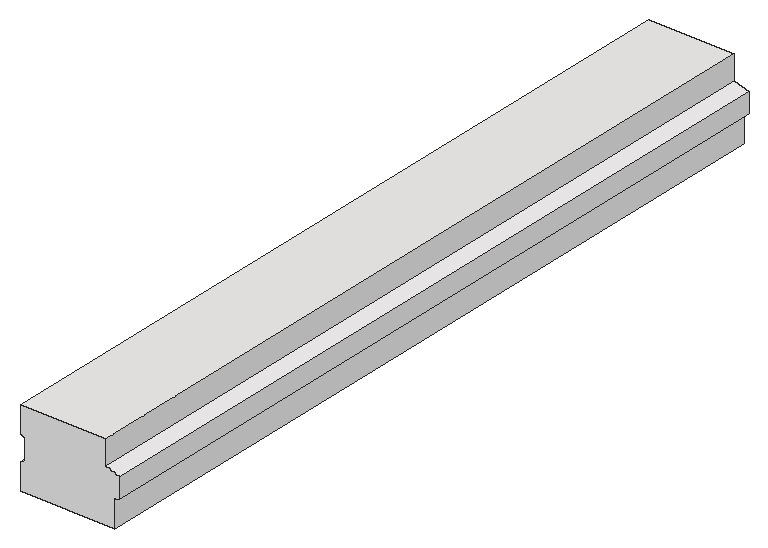
Revit family "СИБИТ_Плита_Перекрытия_Ширина 295 мм_ГОСТ 19570-74", category Каркас несущий, Revit 2017
Family settings
  Скрытие кромок = Другими элементами
  Округление длины несущего каркаса = 0 мм
  Форма сечения = Не задано
  Материал для поведения модели = Сборный железобетон
  Всегда экспортировать в виде геометрии = Нет
  Номер OmniClass = 23.25.30.27.11.11
  Заголовок OmniClass = Concrete Structural Floor Decks
  На основе рабочей плоскости = Да
  Всегда вертикально = Нет
  При загрузке вырезать с полостями = Нет
  Условное обозначение = Из семейства
  Общий = Нет
  Показывать семейство разрезанным на планах = Да
Parameters
  Шов_Правый [instance] = if(Шов_Справа = Тип_2.1, Тип_1.1, if(Шов_Справа = Тип_2.2, Тип_1.3, if(Шов_Справа = Тип_2.3, Тип_1.4, Тип_1.3)))  # Заполнение : Без заполнения
  Шов_Левый [instance] = if(Шов_Слева = Тип_2.1, Тип_1.2, if(Шов_Слева = Тип_2.2, Тип_1.3, if(Шов_Слева = Тип_2.3, Тип_1.3, Тип_1.3)))  # Заполнение : Без заполнения
  Шов_Справа [instance] = Вид заполнения : Без заполнения
  Шов_Слева [instance] = Вид заполнения : Без заполнения
  Ширина_Шов_Справа [instance] = 100 mm
  Ширина_Шов_Слева [instance] = 100 mm
  Тип_2.3 = Вид заполнения : Шов между плитами
  Тип_2.2 = Вид заполнения : Без заполнения
  Тип_2.1 = Вид заполнения : Пояс обвязочный
  Тип_1.4 = Заполнение : Заполнение шва между плитами
  Тип_1.3 = Заполнение : Без заполнения
  Тип_1.2 = Заполнение : Обвязочный пояс слева
  Тип_1.1 = Заполнение : Обвязочный пояс справа
  Смещение поперечной арматуры от края продольной_2 [instance] = 40 mm
  Смещение поперечной арматуры от края продольной_1 [instance] = 50 mm
  Тип_9 = Длина : 3440 мм
  Тип_8 = Длина : 3240 мм
  Тип_7 = Длина : 3140 мм
  Тип_6 = Длина : 3040 мм
  Тип_5 = Длина : 2940 мм
  Тип_4 = Длина : 2740 мм
  Тип_3 = Длина : 2440 мм
  Тип_22 = Длина : 5940 мм
  Тип_21 = Длина : 5740 мм
  Тип_20 = Длина : 5440 мм
  Тип_2 = Длина : 2240 мм
  Тип_19 = Длина : 5240 мм
  Тип_18 = Длина : 5040 мм
  Тип_17 = Длина : 4940 мм
  Тип_16 = Длина : 4740 мм
  Тип_15 = Длина : 4440 мм
  Тип_14 = Длина : 4240 мм
  Тип_13 = Длина : 4140 мм
  Тип_12 = Длина : 4040 мм
  Тип_11 = Длина : 3940 мм
  Тип_10 = Длина : 3740 мм
  Тип_1 = Длина : 1940 мм
  Тип, марка, обозначение [instance] = size_lookup(Таблица_выбора, "", "Ошибка", Длина_Плита)  # "П24.4;3;24-6Я"
  Таблица_выбора = "SLT_Перекрытия_295"  # constant formula
  Сертификат соответствия = "https://sibyt.ru/docs/G8Tm8xJLXEU_rEJraQ4obInusJQXscE8.pdf"
  Расчётная нагрузка, кгс/м² = 600  # constant formula
  Разработчик модели = "Bimon - сервисный провайдер услуг информационного моделирования"  # constant formula
  Поперечных стержней [instance] = 6
  Default Elevation = 1219.2 mm
  Отдельный стержень [instance] = Шов_Справа = Тип_2.3  # no
  Описание = "Панель перекрытий из автоклавного ячеистого бетона ГОСТ 19570-74"  # constant formula
  Объём, м³ [instance] = size_lookup(Таблица_выбора, "VOLUME", 0, Длина_Плита)  # 0.17
  Мин. глубина опирания, мм [instance] = "120"  # constant formula
  Материал плиты = СИБИТ_Перекрытия_Газобетон D600 B3,5
  Масса изделия при влажности 25%, кг [instance] = size_lookup(Таблица_выбора, "MASS", 0, Длина_Плита)  # 145
  Арматура_Шов_Слева [instance] = Шов_Слева = Тип_2.1  # no
  Арматура_Шов_Справа [instance] = Шов_Справа = Тип_2.1  # no
  Длина выпуска 2 [instance] = 100 mm
  Длина выпуска 1 [instance] = 100 mm
  Контактный телефон = "+7 (383) 363-90-90"
  Контактный Email = "zavod-sibit@ao-gns.ru"
  Код КСР (ФГИС ЦС) = ""
  Изготовитель = "Завод \"СИБИТ\""
  Длина плиты [instance] = Длина : 2440 мм
  Высота_Плита [instance] = 240 mm  # constant formula
  Длина_Плита [instance] = if(Длина плиты = Тип_22, 5940 mm, if(Длина плиты = Тип_21, 5740 mm, if(Длина плиты = Тип_20, 5440 mm, if(Длина плиты = Тип_19, 5240 mm, if(Длина плиты = Тип_18, 5040 mm, if(Длина плиты = Тип_17, 4940 mm, if(Длина плиты = Тип_16, 4740 mm, if(Длина плиты = Тип_15, 4440 mm, if(Длина плиты = Тип_14, 4240 mm, if(Длина плиты = Тип_13, 4140 mm, if(Длина плиты = Тип_12, 4040 mm, if(Длина плиты = Тип_11, 3940 mm, if(Длина плиты = Тип_10, 3740 mm, if(Длина плиты = Тип_9, 3440 mm, if(Длина плиты = Тип_8, 3240 mm, if(Длина плиты = Тип_7, 3140 mm, if(Длина плиты = Тип_6, 3040 mm, if(Длина плиты = Тип_5, 2940 mm, if(Длина плиты = Тип_4, 2740 mm, if(Длина плиты = Тип_3, 2440 mm, if(Длина плиты = Тип_2, 2240 mm, if(Длина плиты = Тип_1, 1940 mm, 0 mm))))))))))))))))))))))  # 2440 mm
  Ширина_Плита [instance] = 295 mm  # constant formula
  В пачке, шт. [instance] = size_lookup(Таблица_выбора, "AMOUNT", 0, Длина_Плита)  # 1
  Uniclass 2015 Title = "Concrete solid slabs"  # constant formula
  Uniclass 2015 Code = "Pr_20_85_14_16"  # constant formula
  URL = "www.sibyt.ru"
  UNSPSC Title = "Concrete slab"  # constant formula
  UNSPSC Code = "30121704"  # constant formula
  Omniclass Title = "Precast Profiles"  # constant formula
  Omniclass Code = "23-13 17 15"  # constant formula
  Masterformat Title = "Precast Concrete Slabs"  # constant formula
  Masterformat Code = "03 41 16"  # constant formula
  IFC Classification = "IfcSlab FLOOR"  # constant formula
  COBie Category = ""
  Bimon = "www.bimon.ru"
Reference planes
  plane 1 "По центру (Вперед/Назад)": y = 0
  plane 2: z = 0
  plane 3 "По центру (Влево/Вправо)": x = 0
  plane 4: y = 1220
  plane 5: y = -1220
  plane 6: x = -147.5
  plane 7: x = 147.5
  plane 8: z = -240
  plane 9: z = -120
  plane 10: y = -1270
  plane 11: y = 1280
  plane 12: y = -1320
  plane 13: y = 1320
  plane 14: y = 1220
  plane 15: y = -1220
  plane 16: x = -247.5
  plane 17: x = -197.5
  plane 18: x = -189.5
  plane 19: x = 247.5
  plane 20: x = 197.5
  plane 21: x = 189.5
Forms (mm)
  Sweep 1, solid, material "СИБИТ_Перекрытия_Газобетон D600 B3,5" <- "Материал плиты"
    path origin (0, 0, 0) x (1, 0, 0) y (0, 1, 0)
      loop
        line (0, -1220) -> (0, 1220)
    profile origin (0, 0, 0) x (-1, 0, 0) y (0, 0, 1)
      loop
        line (147.5, 0) -> (-117.5, 0) -> (-117.5, -75) -> (-163, -91.561) -> (-163, -152.538) -> (-147.5, -158.964) -> (-147.5, -240) -> (147.5, -240) -> (147.5, -158.964) -> (132, -152.538) -> (132, -86.847) -> (147.5, -81.205) -> (147.5, 0)
Dimensions and locks
  equal spacing: plane 6, plane 3 "По центру (Влево/Вправо)", plane 7
  "Ширина_Плита": plane 6 to plane 7
  equal spacing: plane 4, plane 1 "По центру (Вперед/Назад)", plane 5, locked at 1220 each
  "Длина_Плита": plane 4 to plane 5
  "Высота_Плита": plane 2 to plane 8
  equal spacing: plane 2, plane 9, plane 8
  equal spacing: group 1, group 3, group 4, group 5, group 6, group 2  (x3)
  "Длина выпуска 1": plane 12 to plane 5
  "Длина выпуска 2": plane 4 to plane 13
  "Смещение поперечной арматуры от края продольной_2": plane 11 to plane 13
  "Смещение поперечной арматуры от края продольной_1": plane 12 to plane 10
  equal spacing: group 7, group 9, group 10, group 11, group 12, group 8  (x2)
  equal spacing: group 8, group 12, group 11, group 10, group 9, group 7
  equal spacing: plane 14, plane 1 "По центру (Вперед/Назад)", plane 15
  "Длина_Плита": plane 14 to plane 15
  "Ширина_Шов_Слева": plane 6 to plane 16
  equal spacing: plane 6, plane 17, plane 16
  locked: plane 18 to plane 17 at 8
  "Ширина_Шов_Справа": plane 7 to plane 19
  equal spacing: plane 7, plane 20, plane 19
  locked: plane 20 to plane 21 at 8
  aligned and locked: level to plane 2
  aligned and locked: plane 1 "По центру (Вперед/Назад)" to nested 2
  aligned and locked: plane 1 "По центру (Вперед/Назад)" to nested 4
  aligned and locked: plane 1 "По центру (Вперед/Назад)" to nested 3
  aligned and locked: plane 10 to nested 9  (x3)
  aligned and locked: nested 10 to plane 11
  aligned and locked: plane 11 to nested 10
  aligned and locked: plane 11 to nested 12
  aligned and locked: nested 16 to plane 10
  aligned and locked: plane 17 to nested 9
  aligned and locked: plane 17 to nested 10
  aligned and locked: plane 18 to nested 8
  aligned and locked: nested 7 to plane 18
  aligned and locked: plane 20 to nested 16
  aligned and locked: plane 20 to nested 12
  aligned and locked: plane 21 to nested 6
  aligned and locked: nested 5 to plane 21
Automatic sketch dimensions
  Sweep 1 sketch curve to level = 0 mm
  Sweep 1 sketch curve to level = 91.561 mm
  profile plane to Sweep 1 sketch curve = 163 mm
  Sweep 1 sketch curve to Sweep 1 sketch curve = 15.5 mm  (x3)
  Sweep 1 sketch curve to Sweep 1 sketch curve = 45.5 mm
  Sweep 1 sketch curve to profile plane = 132 mm
  Sweep 1 sketch curve to level = 152.538 mm
  Sweep 1 sketch curve to Sweep 1 sketch curve = 60.977 mm
  Sweep 1 sketch curve to Sweep 1 sketch curve = 6.426 mm  (x2)
  Sweep 1 sketch curve to Sweep 1 sketch curve = 81.036 mm
  Sweep 1 sketch curve to Sweep 1 sketch curve = 65.691 mm
  Sweep 1 sketch curve to Sweep 1 sketch curve = 5.642 mm
  Sweep 1 sketch curve to Sweep 1 sketch curve = 16.561 mm
  Sweep 1 sketch curve to plane 3 "По центру (Влево/Вправо)" = 0 mm
  plane 5 to Sweep 1 sketch curve = 0 mm
  Sweep 1 sketch curve to plane 4 = 0 mm
Nested families
  nested 1: "Длина" at (-64.141, -1460, 0), type "5240 мм"
  nested 2: "Арматура" at (139.945, 62.341, -41.93), visible <- "Отдельный стержень", Выпуск 1 <- "Длина выпуска 2", Выпуск 2 <- "Длина выпуска 1", Длина арматурного стержня <- "Длина_Плита", type "6 BpIII"
    with Угол поворота 0.00°, Радиус 1320 mm, Длина_стержня 2640 mm, Длина_2 1320 mm, Длина_1 1320 mm, Длина арматурного стержня 2440 mm, Выпуск 2 100 mm, Выпуск 1 100 mm
  nested 3: "Заполнение" at (-147.5, 0, 0), L <- "Длина_Плита", type <- "Шов_Левый", b <- "Ширина_Шов_Слева", type "Без заполнения"
    with Материал вкладыша ADSK_Бетон_B15, b 100 mm, L 2440 mm
  nested 4: "Заполнение" at (147.5, 0, 0), L <- "Длина_Плита", type <- "Шов_Правый", b <- "Ширина_Шов_Справа", type "Без заполнения"
    with Материал вкладыша ADSK_Бетон_B15, b 100 mm, L 2440 mm
  nested 5: "Арматура" at (189.5, -62.341, -198.07), visible <- "Арматура_Шов_Справа", Выпуск 1 <- "Длина выпуска 1", Выпуск 2 <- "Длина выпуска 2", Длина арматурного стержня <- "Длина_Плита", type "10 A400"
    with Угол поворота 0.00°, Радиус 1320 mm, Длина_стержня 2640 mm, Длина_2 1320 mm, Длина_1 1320 mm, Длина арматурного стержня 2440 mm, Выпуск 2 100 mm, Выпуск 1 100 mm
  nested 6: "Арматура" at (189.5, 62.341, -41.93), visible <- "Арматура_Шов_Справа", Выпуск 1 <- "Длина выпуска 2", Выпуск 2 <- "Длина выпуска 1", Длина арматурного стержня <- "Длина_Плита", type "10 A400"
    with Угол поворота 0.00°, Радиус 1320 mm, Длина_стержня 2640 mm, Длина_2 1320 mm, Длина_1 1320 mm, Длина арматурного стержня 2440 mm, Выпуск 2 100 mm, Выпуск 1 100 mm
  nested 7: "Арматура" at (-189.5, -62.341, -198.07) x (-1, 0, 0) z (0, 0, 1), visible <- "Арматура_Шов_Слева", Выпуск 1 <- "Длина выпуска 1", Выпуск 2 <- "Длина выпуска 2", Длина арматурного стержня <- "Длина_Плита", type "10 A400"
    with Угол поворота 0.00°, Радиус 1320 mm, Длина_стержня 2640 mm, Длина_2 1320 mm, Длина_1 1320 mm, Длина арматурного стержня 2440 mm, Выпуск 2 100 mm, Выпуск 1 100 mm
  nested 8: "Арматура" at (-189.5, 62.341, -41.93) x (-1, 0, 0) z (0, 0, 1), visible <- "Арматура_Шов_Слева", Выпуск 1 <- "Длина выпуска 2", Выпуск 2 <- "Длина выпуска 1", Длина арматурного стержня <- "Длина_Плита", type "10 A400"
    with Угол поворота 0.00°, Радиус 1320 mm, Длина_стержня 2640 mm, Длина_2 1320 mm, Длина_1 1320 mm, Длина арматурного стержня 2440 mm, Выпуск 2 100 mm, Выпуск 1 100 mm
  nested 9: "Арматура" at (-197.5, -1207.659, -120.018) x (-1, 0, 0) z (0, 0, 1), visible <- "Арматура_Шов_Слева", type "6 BpIII"
    with Угол поворота 90.00°, Радиус 100 mm, Длина_стержня 200 mm, Длина_2 100 mm, Длина_1 100 mm, Длина арматурного стержня 140 mm, Выпуск 2 30 mm, Выпуск 1 30 mm
  nested 10: "Арматура" at (-197.5, 1342.341, -120.018) x (-1, 0, 0) z (0, 0, 1), visible <- "Арматура_Шов_Слева", type "6 BpIII"
    with Угол поворота 90.00°, Радиус 100 mm, Длина_стержня 200 mm, Длина_2 100 mm, Длина_1 100 mm, Длина арматурного стержня 140 mm, Выпуск 2 30 mm, Выпуск 1 30 mm
  nested 11: "Арматура" at (-197.5, -697.659, -120.018) x (-1, 0, 0) z (0, 0, 1), visible <- "Арматура_Шов_Слева", type "6 BpIII"
    with Угол поворота 90.00°, Радиус 100 mm, Длина_стержня 200 mm, Длина_2 100 mm, Длина_1 100 mm, Длина арматурного стержня 140 mm, Выпуск 2 30 mm, Выпуск 1 30 mm
  nested 12: "Арматура" at (197.5, 1342.341, -120), visible <- "Арматура_Шов_Справа", type "6 BpIII"
    with Угол поворота 90.00°, Радиус 100 mm, Длина_стержня 200 mm, Длина_2 100 mm, Длина_1 100 mm, Длина арматурного стержня 140 mm, Выпуск 2 30 mm, Выпуск 1 30 mm
  nested 13: "Арматура" at (-197.5, -187.659, -120.018) x (-1, 0, 0) z (0, 0, 1), visible <- "Арматура_Шов_Слева", type "6 BpIII"
    with Угол поворота 90.00°, Радиус 100 mm, Длина_стержня 200 mm, Длина_2 100 mm, Длина_1 100 mm, Длина арматурного стержня 140 mm, Выпуск 2 30 mm, Выпуск 1 30 mm
  nested 14: "Арматура" at (-197.5, 322.341, -120.018) x (-1, 0, 0) z (0, 0, 1), visible <- "Арматура_Шов_Слева", type "6 BpIII"
    with Угол поворота 90.00°, Радиус 100 mm, Длина_стержня 200 mm, Длина_2 100 mm, Длина_1 100 mm, Длина арматурного стержня 140 mm, Выпуск 2 30 mm, Выпуск 1 30 mm
  nested 15: "Арматура" at (-197.5, 832.341, -120.018) x (-1, 0, 0) z (0, 0, 1), visible <- "Арматура_Шов_Слева", type "6 BpIII"
    with Угол поворота 90.00°, Радиус 100 mm, Длина_стержня 200 mm, Длина_2 100 mm, Длина_1 100 mm, Длина арматурного стержня 140 mm, Выпуск 2 30 mm, Выпуск 1 30 mm
  nested 16: "Арматура" at (197.5, -1207.659, -120), visible <- "Арматура_Шов_Справа", type "6 BpIII"
    with Угол поворота 90.00°, Радиус 100 mm, Длина_стержня 200 mm, Длина_2 100 mm, Длина_1 100 mm, Длина арматурного стержня 140 mm, Выпуск 2 30 mm, Выпуск 1 30 mm
  nested 17: "Арматура" at (197.5, 832.341, -120), visible <- "Арматура_Шов_Справа", type "6 BpIII"
    with Угол поворота 90.00°, Радиус 100 mm, Длина_стержня 200 mm, Длина_2 100 mm, Длина_1 100 mm, Длина арматурного стержня 140 mm, Выпуск 2 30 mm, Выпуск 1 30 mm
  nested 18: "Арматура" at (197.5, 322.341, -120), visible <- "Арматура_Шов_Справа", type "6 BpIII"
    with Угол поворота 90.00°, Радиус 100 mm, Длина_стержня 200 mm, Длина_2 100 mm, Длина_1 100 mm, Длина арматурного стержня 140 mm, Выпуск 2 30 mm, Выпуск 1 30 mm
  nested 19: "Арматура" at (197.5, -187.659, -120), visible <- "Арматура_Шов_Справа", type "6 BpIII"
    with Угол поворота 90.00°, Радиус 100 mm, Длина_стержня 200 mm, Длина_2 100 mm, Длина_1 100 mm, Длина арматурного стержня 140 mm, Выпуск 2 30 mm, Выпуск 1 30 mm
  nested 20: "Арматура" at (197.5, -697.659, -120), visible <- "Арматура_Шов_Справа", type "6 BpIII"
    with Угол поворота 90.00°, Радиус 100 mm, Длина_стержня 200 mm, Длина_2 100 mm, Длина_1 100 mm, Длина арматурного стержня 140 mm, Выпуск 2 30 mm, Выпуск 1 30 mm
Definition of nested family "Арматура"
  Parameters (values of type "6 BpIII")
    Угол поворота [instance] = 15.00°
    Радиус стержня = Диаметр_cтержня / 2  # 3 mm
    Радиус [instance] = Длина_стержня / 2  # 307.659 mm
    Площадь поперечного сечения стержня, см² = 0
    Description = ""
    Масса 1 м профиля, кг = 0
    Маркировка_cтержня = "Ø6 BpIII"
    Класс_арматуры = "BpIII"
    Длина_стержня [instance] = Длина арматурного стержня + Выпуск 1 + Выпуск 2  # 615.319 mm
    Длина_2 [instance] = Длина арматурного стержня / 2 + Выпуск 2  # 272.659 mm
    Длина_1 [instance] = Длина арматурного стержня / 2 + Выпуск 1  # 342.659 mm
    Длина арматурного стержня [instance] = 445.319 mm
    Диаметр_cтержня = 6 mm
    Выпуск 2 [instance] = 50 mm
    Выпуск 1 [instance] = 120 mm
  Types (3, lengths in mm): name | Радиус стержня | Радиус | Площадь поперечного сечения стержня, см² | Description | Масса 1 м профиля, кг | Маркировка_cтержня | Класс_арматуры | Длина_стержня | Длина_2 | Длина_1 | Длина арматурного стержня | Диаметр_cтержня | Выпуск 1
    8 А400 | 4 | 350 | 0.503 | "Анкер из арматуры Ø8 AIII ГОСТ 5781-82" | 0.395 | "Ø8 A400" | "А400" | 700 | 350 | 350 | 600 | 8 | 50
    6 BpIII | 3 | 307.659 | 0 | "" | 0 | "Ø6 BpIII" | "BpIII" | 615.319 | 272.659 | 342.659 | 445.319 | 6 | 120
    10 A400 | 5 | 350 | 0.785 | "Анкер из арматуры Ø10 AIII ГОСТ 5781-82" | 0.617 | "Ø10 A400" | "А400" | 700 | 350 | 350 | 600 | 10 | 50
  Reference planes
    plane 1 "1": y = -62.341
    plane 2: z = 0
    plane 3 "Y": x = 0
  Forms (mm)
    Sweep 1, solid
      path origin (0, 0, 0) x (0, 1, 0) y (0, 0, 1)
        loop
          line (-325.709, 70.569) -> (-62.341, 0) -> (268.643, -88.687)
      profile origin (0, 103.151, -44.343) x (0, 0.258819, 0.965926) y (1, 0, 0)
        loop
          circle (0, 0) r 3
  Lines and regions (mm)
    reference lines
      curve 1: circle (0, -62.341, 0) r 307.659 normal (1, 0, 0)
      curve 2: line (0, -62.341, 0) -> (0, -359.517, 79.628)
      curve 3: line (0, -62.341, 0) -> (0, 234.836, -79.628)
      curve 4: circle (0, -62.341, 0) r 342.659 normal (1, 0, 0)
      curve 5: circle (0, -62.341, 0) r 272.659 normal (1, 0, 0)
      curve 6: line (0, -62.341, 0) -> (0, -325.709, 70.569)
      curve 7: line (0, -62.341, 0) -> (0, 268.643, -88.687)
  Dimensions and locks
    "Радиус стержня": profile plane to Sweep 1 sketch curve
    "Длина_1": Sweep 1 sketch curve to Sweep 1 sketch curve
    "Длина_2": Sweep 1 sketch curve to Sweep 1 sketch curve
    "Радиус": radius of curve 1
    "Длина_1": radius of curve 4
    "Длина_2": radius of curve 5
    "Угол поворота": angle plane 2 to curve 2
    aligned and locked: level to curve 2
    aligned and locked: plane 1 "1" to curve 2
    aligned and locked: plane 2 to curve 1
    aligned and locked: plane 1 "1" to curve 1
    aligned and locked: Sweep 1 sketch curve to curve 6
  Automatic sketch dimensions
    Sweep 1 sketch curve to plane 3 "Y" = 0 mm
    Sweep 1 sketch curve to profile plane = 0 mm
    Sweep 1 sketch curve to plane 1 "1" = 0 mm
    curve 1 to curve 4 = 0 mm  (x2)
    curve 1 to curve 5 = 0 mm  (x2)
Definition of nested family "Длина"
  Types (22): name
    1940 мм
    2240 мм
    2440 мм
    2740 мм
    2940 мм
    3040 мм
    3140 мм
    3240 мм
    3440 мм
    3740 мм
    3940 мм
    4040 мм
    4140 мм
    4240 мм
    4440 мм
    4740 мм
    4940 мм
    5040 мм
    5240 мм
    5440 мм
    5740 мм
    5940 мм
  Reference planes
    plane 1 "По центру (Вперед/Назад)": y = 0
    plane 2: z = 0
    plane 3 "По центру (Влево/Вправо)": x = 0
  Dimensions and locks
    aligned and locked: level to plane 2
Definition of nested family "Заполнение"
  Parameters (values of type "Обвязочный пояс справа")
    Пояс_Справа = yes
    Пояс_Слева = no
    Материал вкладыша [instance] = none
    Шов = no
    b [instance] = 163.482 mm
    L [instance] = 2400 mm
  Types (4, lengths in mm): name | Пояс_Справа | Пояс_Слева | Шов
    Заполнение шва между плитами | no | no | yes
    Обвязочный пояс справа | yes | no | no
    Обвязочный пояс слева | no | yes | no
    Без заполнения | no | no | no
  Reference planes
    plane 1 "По центру (Вперед/Назад)": y = 0
    plane 2: z = 0
    plane 3 "По центру (Влево/Вправо)": x = 0
    plane 4: y = 1200
    plane 5: y = -1200
    plane 6: x = -163.482
    plane 7: x = 163.482
  Forms (mm)
    Extrusion 1, solid, material <- "Материал вкладыша", visible <- "Шов"
      sketch origin (-300, 38.446, 0) x (1, 0, 0) y (0, 0, 1)
        loop
          line (270, -75) -> (300, -85.919) -> (300, 0) -> (270, 0) -> (270, -75)
      from -1161.554 to 1238.446
    Extrusion 2, solid, material <- "Материал вкладыша", visible <- "Пояс_Справа"
      sketch origin (-300, 38.446, 0) x (1, 0, 0) y (0, 0, 1)
        loop
          line (270, -75) -> (315.5, -91.561) -> (315.5, -152.538) -> (300, -158.964) -> (300, -240) -> (463.482, -240) -> (463.482, 0) -> (270, 0) -> (270, -75)
      from -1161.554 to 1238.446
    Extrusion 3, solid, material <- "Материал вкладыша", visible <- "Пояс_Слева"
      sketch origin (-300, 38.446, 0) x (1, 0, 0) y (0, 0, 1)
        loop
          line (300, -240) -> (300, -158.964) -> (315.5, -152.538) -> (315.5, -91.561) -> (300, -85.919) -> (300, 0) -> (136.518, 0) -> (136.518, -240) -> (300, -240)
      from -1161.554 to 1238.446
  Dimensions and locks
    equal spacing: plane 4, plane 1 "По центру (Вперед/Назад)", plane 5
    "L": plane 4 to plane 5
    equal spacing: plane 7, plane 3 "По центру (Влево/Вправо)", plane 6
    "b": plane 3 "По центру (Влево/Вправо)" to plane 6
    aligned and locked: level to plane 2
    aligned and locked: plane 4 to Extrusion 3
    aligned and locked: plane 4 to Extrusion 2
    aligned and locked: plane 4 to Extrusion 1
    aligned and locked: Extrusion 2 to plane 5
    aligned and locked: Extrusion 3 to plane 5
    aligned and locked: Extrusion 1 to plane 5
    aligned and locked: Extrusion 3 to plane 6
    aligned and locked: plane 7 to Extrusion 2
  Automatic sketch dimensions
    Extrusion 1 sketch curve to level = 0 mm
    Extrusion 1 sketch curve to plane 3 "По центру (Влево/Вправо)" = 0 mm
    Extrusion 1 sketch curve to plane 3 "По центру (Влево/Вправо)" = 30 mm
    Extrusion 1 sketch curve to level = 75 mm
    Extrusion 1 sketch curve to Extrusion 1 sketch curve = 10.919 mm
    Extrusion 2 sketch curve to level = 0 mm
    Extrusion 2 sketch curve to plane 3 "По центру (Влево/Вправо)" = 0 mm
    Extrusion 2 sketch curve to plane 3 "По центру (Влево/Вправо)" = 30 mm
    plane 3 "По центру (Влево/Вправо)" to Extrusion 2 sketch curve = 15.5 mm
    plane 3 "По центру (Влево/Вправо)" to Extrusion 2 sketch curve = 163.482 mm
    Extrusion 2 sketch curve to level = 75 mm
    Extrusion 2 sketch curve to Extrusion 2 sketch curve = 16.561 mm
    Extrusion 2 sketch curve to Extrusion 2 sketch curve = 60.977 mm
    Extrusion 2 sketch curve to Extrusion 2 sketch curve = 6.426 mm
    Extrusion 2 sketch curve to Extrusion 2 sketch curve = 87.462 mm
    Extrusion 3 sketch curve to level = 0 mm
    Extrusion 3 sketch curve to plane 3 "По центру (Влево/Вправо)" = 0 mm  (x2)
    Extrusion 3 sketch curve to plane 3 "По центру (Влево/Вправо)" = 163.482 mm
    plane 3 "По центру (Влево/Вправо)" to Extrusion 3 sketch curve = 15.5 mm
    Extrusion 3 sketch curve to Extrusion 3 sketch curve = 85.919 mm
    Extrusion 3 sketch curve to Extrusion 3 sketch curve = 5.642 mm
    Extrusion 3 sketch curve to Extrusion 3 sketch curve = 60.977 mm
    Extrusion 3 sketch curve to Extrusion 3 sketch curve = 6.426 mm
    Extrusion 3 sketch curve to Extrusion 3 sketch curve = 81.036 mm
